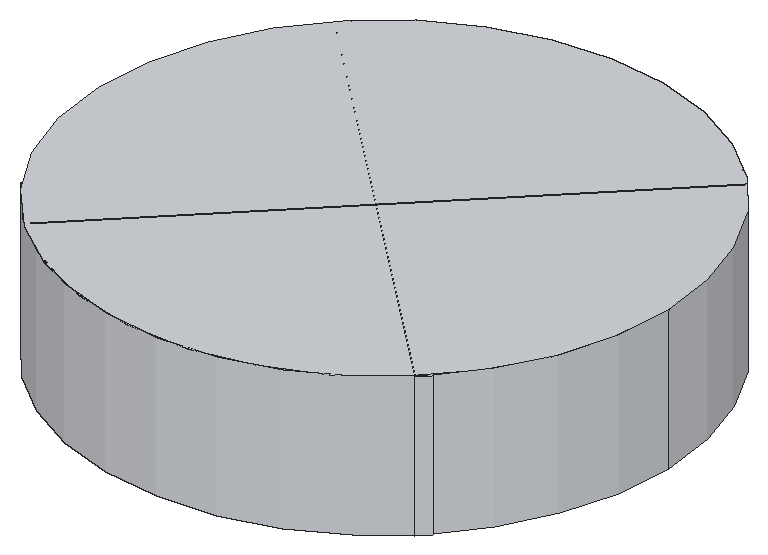
Revit family "電線管用ファミリ(片側のみ)_ver8", category Electrical Fixtures, Revit 2021
Family settings
  Maintain Annotation Orientation = No
  Round Connector Dimension = Use Diameter
  Part Type = Normal
  OmniClass Number = 23.80.00.00
  OmniClass Title = Electric Power and Lighting
  Work Plane-Based = No
  Always vertical = Yes
  Cut with Voids When Loaded = No
  Shared = No
  Room Calculation Point = No
Parameters
  コネクタ直径 [instance] = 16 mm
  W [instance] = 200 mm
  Default Elevation = 0 mm
  D [instance] = 200 mm
Reference planes
  plane 1 "Center (Front/Back)": y = 0
  plane 2: z = 0
  plane 3 "Center (Left/Right)": x = 0
  plane 4: x = -100
  plane 5: x = 100
  plane 6: y = 100
  plane 7: y = -100
  plane 8: z = 33.685
  plane 9: z = 50
Forms (mm)
  Extrusion 1, solid
    sketch origin (0, 0, 0) x (1, 0, 0) y (0, 1, 0)
      loop
        circle (0, 0) r 100
    from 0 to 50
  Extrusion 2, solid
    sketch origin (3.734, 4.202, 0) x (1, 0, 0) y (0, 1, 0)
      loop
        line (-76.204, -70.122) -> (-70.594, -75.732) -> (68.984, 63.846) -> (63.374, 69.456) -> (-76.204, -70.122)
    from 0 to 50
  Extrusion 3, solid
    sketch origin (2.445, 2.19, 0) x (1, 0, 0) y (0, 1, 0)
      loop
        line (-75.043, 66.369) -> (66.507, -75.18) -> (70.043, -71.645) -> (-71.507, 69.905) -> (-75.043, 66.369)
    from 0 to 50
Dimensions and locks
  equal spacing: plane 4, plane 3 "Center (Left/Right)", plane 5
  "W": plane 4 to plane 5
  equal spacing: plane 6, plane 1 "Center (Front/Back)", plane 7
  "D": plane 6 to plane 7
  aligned and locked: level to plane 2
  aligned and locked: plane 9 to Extrusion 1
  aligned and locked: Extrusion 1 to Extrusion 3
Automatic sketch dimensions
  plane 1 "Center (Front/Back)" to Extrusion 1 sketch curve = 0 mm
  Extrusion 1 sketch curve to plane 3 "Center (Left/Right)" = 0 mm
  plane 4 to Extrusion 2 sketch curve = 27.531 mm
  Extrusion 2 sketch curve to Extrusion 2 sketch curve = 5.61 mm  (x2)
  Extrusion 2 sketch curve to plane 5 = 32.892 mm
  plane 7 to Extrusion 2 sketch curve = 28.471 mm
  Extrusion 3 sketch curve to plane 5 = 31.048 mm
  plane 7 to Extrusion 3 sketch curve = 27.01 mm
  Extrusion 3 sketch curve to Extrusion 3 sketch curve = 3.536 mm  (x2)
  plane 4 to Extrusion 3 sketch curve = 30.938 mm
  radius of Extrusion 1 sketch curve = 100 mm
Connectors
  cabletrayconduit at (0, 0, 50), diameter 16
    settings: on Extrusion 1, index 1, connector width 300 mm, connector height 300 mm, connector angle 0.00°, system type 32, placement type 0, profile type 0, connector reference index -1, is primary connector yes, connector utility param no, connector description ""
